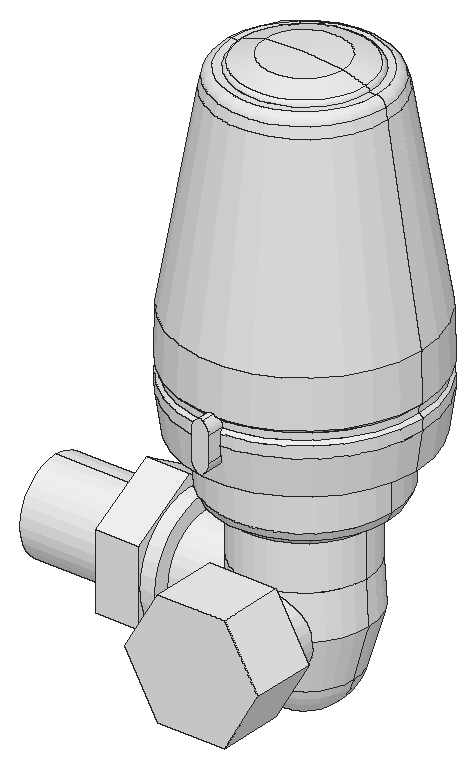
Revit family "RA-DV_Double Angle_Right_DN10-15_Regus_RFA_1", category Pipe Accessories, Revit 2019
Family settings
  Round Connector Dimension = Use Diameter
  Part Type = Valve - Breaks Into
  OmniClass Number = 23.65.55.14.17
  OmniClass Title = Adjusting/Controlling Valves for Liquid Services
  Work Plane-Based = No
  Always vertical = Yes
  Cut with Voids When Loaded = No
  Shared = No
Parameters (values of type "RA-DV_Double Angle_Right_DN15_013G7719")
  Ws1 = 27.5 mm  # constant formula
  Ws = 58 mm  # constant formula
  Weight = 0.33 kg
  W = LR1 + LR2 + Ws1  # 60.5 mm
  Valve Body Material = Danfoss Nickel Plated Brass
  URL = "https://store.danfoss.com/en/Climate-Solutions-for-heating/Radiator-Thermostats/Radiator-Valves/Build-on-valves/Dynamic-Valves/c/13865?q=%3Arelevance%3Adanfoss_producttypehierarchydesc%3ARA-DV%3Adanfoss_a223339155%3AA223_339155e8a4b9257411af40f22b1cba9d507f15"
  TH8 = 3.85 mm
  TH7 = 3.75 mm
  TH6 = 13.324 mm
  TH5 = 1.826 mm
  TH4 = 7.354 mm
  TH3 = 6.008 mm
  TH2 = 5 mm
  TH1 = 9.942 mm
  Setting Range = "1-7,N"  # constant formula
  Sensor Type = Regus Sensors_RA_RFA : Regus Sensors_RA_Built-in_8-28 °C
  SA2 = 33 mm
  SA1 = 36.7 mm
  RT5 = 14.5 mm
  RT1 = 15.024 mm
  RR5 = 8.25 mm
  RR4 = 11.425 mm
  RR1 = 10.3 mm
  RL4 = 10.5 mm
  RL2 = 14.8 mm
  RL1 = 11.3 mm
  RB2 = 12.006 mm
  RB1 = 11.5 mm
  Pressure Drop [instance] = 0.0 Pa
  Model Type = "RA-DV_Double Angle_Right_DN15"
  Model = "013G7719"
  Min Medium Temperature = "2 °C"  # constant formula
  Min Differential Pressure = "0.1 bar"  # constant formula
  Max Operating Pressure = "10 bar"  # constant formula
  Max Medium Temperature = "95 °C"  # constant formula
  Max Flow (Text) = "135 l/h"  # constant formula
  Max Differential Pressure = "0.6 bar"  # constant formula
  Manufacturer = "Danfoss"  # constant formula
  LR2 = 15 mm
  LR1 = 18 mm
  LOD 350 = not(LOD 200)  # yes
  LOD 200 = no
  LL4 = 21.2 mm
  LL3 = 10 mm
  LL2 = 3.7 mm
  LL1 = 23 mm
  L = LL1 + LL2 + LL3 + LL4 + Ws1  # 85.4 mm
  IfcExportType = "RA-DV"  # constant formula
  IfcExportAs = "IfcValveType"  # constant formula
  HexR2 = 15.4 mm
  HexR1 = 17.3 mm
  Hex2 = 26.7 mm
  Hex = 30 mm
  HT = TH1 + TH2 + TH3  # 20.95 mm
  H [instance] = 135.754 mm
  Flow [instance] = 0.0 L/s
  Description = "Thermostatic Radiator Valve"  # constant formula
  D = 15 mm
  BH2 = 8.731 mm
  BH1 = 12.273 mm
  Application = "2-Pipe System"  # constant formula
Types (3, lengths in mm): name | Weight | W | SA2 | SA1 | RL4 | RL2 | RL1 | Model Type | Model | LR2 | LR1 | LL4 | LL3 | LL2 | LL1 | L | HexR2 | HexR1 | Hex2 | Hex | D
  (no name) | 0.33 kg | 60.5 | 33 | 36.7 | 10.5 | 14.8 | 11.3 | "RA-DV_Double Angle_Right_DN15" | "013G7719" | 15 | 18 | 21.2 | 10 | 3.7 | 23 | 85.4 | 15.4 | 17.3 | 26.7 | 30 | 15
  RA-DV_Double Angle_Right_DN10_013G7717 | 0.28 kg | 54.5 | 27 | 33.3 | 8.3 | 13.2 | 9.75 | "RA-DV_Double Angle_Right_DN10" | "013G7717" | 11.033 | 15.967 | 18.8 | 8.5 | 3.6 | 21.2 | 79.6 | 12.6 | 15.6 | 21.7 | 27 | 10
  RA-DV_Double Angle_Right_DN15_013G7719 | 0.33 kg | 60.5 | 33 | 36.7 | 10.5 | 14.8 | 11.3 | "RA-DV_Double Angle_Right_DN15" | "013G7719" | 15 | 18 | 21.2 | 10 | 3.7 | 23 | 85.4 | 15.4 | 17.3 | 26.7 | 30 | 15
Reference planes
  plane 1 "Center (Front/Back)": y = 0
  plane 2: z = 0
  plane 3 "Center (Left/Right)": x = 0
  plane 4: x = -57.9
  plane 5: x = 9.194
  plane 6: y = 8.994
  plane 7: y = -33
  plane 8: z = 51.054
  plane 9: z = -21.004
  plane 10: x = -36.7
  plane 11 "left": x = -26.7
  plane 12: x = -23
  plane 13 "right": y = -18
  plane 14: z = 47.204
  plane 15: z = 43.454
  plane 16: z = 30.13
  plane 17: z = 28.304
  plane 18 "top": z = 20.95
  plane 19: z = 14.942
  plane 20: z = 9.942
  plane 21: z = -12.273
  plane 22: y = 17.3
  plane 23: x = 15.024
  plane 24: x = 27.5
  plane 25: y = -30.5
  plane 26: y = 27.5
  plane 27: y = 27.5
Forms (mm)
  Revolve 1, solid, material "Danfoss Nickel Plated Brass" <- "Valve Body Material", detail levels fine
    sketch origin (0, 0, 0) x (1, 0, 0) y (0, 0, 1)
      loop
        line (-57.9, 10.5) -> (-57.9, 0) -> (-26.7, 0) -> (-26.7, 10.5) -> (-57.9, 10.5)
      axis (-26.7, 0) -> (-57.9, 0)
    angle from 0 to 360
  Revolve 2, solid, material "Danfoss Nickel Plated Brass" <- "Valve Body Material", visible <- "LOD 350", detail levels fine
    sketch origin (0, 0, 0) x (1, 0, 0) y (0, 0, 1)
      loop
        line (-26.7, 14.8) -> (-26.7, 0) -> (-23, 0) -> (-23, 14.8) -> (-26.7, 14.8)
      axis (-23, 0) -> (-26.7, 0)
    angle from 0 to 360
  Revolve 3, solid, material "Danfoss Nickel Plated Brass" <- "Valve Body Material", visible <- "LOD 200", detail levels fine
    sketch origin (0, 0, 0) x (1, 0, 0) y (0, 0, 1)
      loop
        line (-36.7, 17.3) -> (-36.7, 0) -> (-26.7, 0) -> (-26.7, 17.3) -> (-36.7, 17.3)
      axis (-26.7, 0) -> (-36.7, 0)
    angle from 0 to 360
  Revolve 4, solid, material "Danfoss Nickel Plated Brass" <- "Valve Body Material", detail levels fine
    sketch origin (0, 0, 0) x (1, 0, 0) y (0, 0, 1)
      loop
        line (-26.7, 0) -> (0, 0) -> (0, 11.3) -> (-26.7, 11.3) -> (-26.7, 0)
      axis (0, 0) -> (-26.7, 0)
    angle from 0 to 360
  Revolve 5, solid, material "Danfoss Nickel Plated Brass" <- "Valve Body Material", visible <- "LOD 350", detail levels fine
    sketch origin (0, 0, 0) x (1, 0, 0) y (0, 0, 1)
      loop
        line (0, 20.95) -> (0, -21.004)
        arc (0, -21.004) -> (7.209, -18.561) -> (11.5, -12.273) r 12.006
        line (11.5, -12.273) -> (15.024, 0) -> (14.5, 10) -> (14.5, 20.95) -> (0, 20.95)
      axis (0, -21.004) -> (0, 20.95)
    angle from 0 to 360
  Revolve 6, solid, material "Danfoss Nickel Plated Brass" <- "Valve Body Material", detail levels fine
    sketch origin (0, 0, 0) x (0, 1, 0) y (0, 0, 1)
      loop
        line (0, 10.3) -> (-18, 10.3) -> (-18, 0) -> (0, 0) -> (0, 10.3)
      axis (0, 0) -> (-18, 0)
    angle from 0 to 360
  Revolve 7, solid, material "Danfoss Nickel Plated Brass" <- "Valve Body Material", visible <- "LOD 200", detail levels fine
    sketch origin (0, 0, 0) x (0, 1, 0) y (0, 0, 1)
      loop
        line (-18, 15.4) -> (-33, 15.4) -> (-33, 0) -> (-18, 0) -> (-18, 15.4)
      axis (-18, 0) -> (-33, 0)
    angle from 0 to 360
  Revolve 8, solid, material "Danfoss Brass", visible <- "LOD 350", detail levels fine
    sketch origin (0, 0, 0) x (1, 0, 0) y (0, 0, 1)
      loop
        line (0, 20.95) -> (11.425, 20.95) -> (11.425, 28.304) -> (8.25, 28.304) -> (8.25, 30.13) -> (0, 30.13) -> (0, 20.95)
      axis (0, 20.95) -> (0, 30.13)
    angle from 0 to 360
  Extrusion 9, solid, material "Danfoss Nickel Plated Brass" <- "Valve Body Material", visible <- "LOD 350", detail levels fine
    sketch origin (0, 0, 0) x (1, 0, 0) y (0, 0, 1)
      loop
        line (0, 0) -> (-26.7, 0) -> (-26.7, -0.957) -> (-10.199, -17.458)
        arc (-10.199, -17.458) -> (-6.04, -20.166) -> (-1.141, -20.959) r 12
        line (-1.141, -20.959) -> (0, -20.959) -> (0, 0)
    from -2 to 2
  Revolve 10, solid, material "Danfoss Nickel Plated Brass" <- "Valve Body Material", visible <- "LOD 200", detail levels fine
    sketch origin (0, 0, 0) x (1, 0, 0) y (0, 0, 1)
      loop
        line (0, 20.95) -> (0, -21.004)
        arc (0, -21.004) -> (10.624, -16.604) -> (15.024, -5.98) r 15.024
        line (15.024, -5.98) -> (15.024, 20.95) -> (0, 20.95)
      axis (0, 20.95) -> (0, -21.004)
    angle from 0 to 360
  Revolve 11, solid, material "Danfoss Nickel Plated Brass" <- "Valve Body Material", detail levels fine
    sketch origin (0, 0, 0) x (1, 0, 0) y (0, 0, 1)
      loop
        line (-1, 51.054) -> (-1, 47.204) -> (0, 47.204) -> (0, 51.054) -> (-1, 51.054)
      axis (0, 47.204) -> (0, 51.054)
    angle from 0 to 360
  Revolve 12, solid, material "Danfoss Brass", detail levels fine
    sketch origin (0, 0, 0) x (1, 0, 0) y (0, 0, 1)
      loop
        line (0, 47.204) -> (-5.8, 47.204) -> (-5.8, 43.454) -> (0, 43.454) -> (0, 47.204)
      axis (0, 43.454) -> (0, 47.204)
    angle from 0 to 360
  Revolve 13, solid, material "Danfoss Plastic Green", detail levels fine
    sketch origin (0, 0, 0) x (1, 0, 0) y (0, 0, 1)
      loop
        line (0, 43.454) -> (-9.9, 43.454) -> (-9.9, 30.13) -> (0, 30.13) -> (0, 43.454)
      axis (0, 30.13) -> (0, 43.454)
    angle from 0 to 360
  Revolve 14, solid, material "Danfoss Brass", visible <- "LOD 200", detail levels fine
    sketch origin (0, 0, 0) x (1, 0, 0) y (0, 0, 1)
      loop
        line (-11.4, 20.95) -> (0, 20.95) -> (0, 30.13) -> (-11.4, 30.13) -> (-11.4, 20.95)
      axis (0, 20.95) -> (0, 30.13)
    angle from 0 to 360
Dimensions and locks
  plane 8 to plane 9 = 72.058 mm
  "LR1": plane 1 "Center (Front/Back)" to plane 13 "right"
  "LR2": plane 13 "right" to plane 7
  "LL1": plane 3 "Center (Left/Right)" to plane 12
  "LL2": plane 12 to plane 11 "left"
  "LL3": plane 11 "left" to plane 10
  "LL4": plane 10 to plane 4
  "RL4": Revolve 1 sketch curve to level
  "RL2": Revolve 2 sketch curve to level
  "HexR1": Revolve 3 sketch curve to level
  "RL1": Revolve 4 sketch curve to level
  "TH1": plane 20 to level
  "TH2": plane 19 to plane 20
  "TH3": plane 18 "top" to plane 19
  "TH4": plane 17 to plane 18 "top"
  "TH5": plane 16 to plane 17
  "TH6": plane 15 to plane 16
  "TH7": plane 14 to plane 15
  "TH8": plane 8 to plane 14
  "BH1": level to plane 21
  "BH2": plane 21 to plane 9
  "RT5": Revolve 5 sketch curve to plane 3 "Center (Left/Right)"
  "RT1": Revolve 5 sketch curve to plane 3 "Center (Left/Right)"
  "RB1": Revolve 5 sketch curve to plane 3 "Center (Left/Right)"
  "RR1": Revolve 6 sketch curve to level
  "HexR2": Revolve 7 sketch curve to level
  "RR5": Revolve 8 sketch curve to plane 3 "Center (Left/Right)"
  "RR4": Revolve 8 sketch curve to plane 3 "Center (Left/Right)"
  "RT1": nested 2 to Revolve 10 sketch curve
  "RT1": Revolve 10 sketch curve to plane 9
  "H": nested 4 to plane 9
  "RT1": plane 23 to plane 3 "Center (Left/Right)"
  "L": plane 24 to plane 4
  plane 3 "Center (Left/Right)" to Revolve 11 sketch curve = 1 mm
  plane 3 "Center (Left/Right)" to Revolve 12 sketch curve = 5.8 mm
  plane 3 "Center (Left/Right)" to Revolve 13 sketch curve = 9.9 mm
  plane 3 "Center (Left/Right)" to Revolve 14 sketch curve = 11.4 mm
  "HexR1": plane 22 to plane 1 "Center (Front/Back)"
  plane 22 to plane 7 = 50.3 mm
  "Ws1": plane 1 "Center (Front/Back)" to plane 26
  "Ws": plane 25 to plane 26
  "W": plane 7 to plane 27
  "RB2": radius of Revolve 5 sketch curve
  "RT1": radius of Revolve 10 sketch curve
  aligned and locked: level to plane 2
  aligned and locked: plane 4 to Revolve 1 sketch curve
  aligned and locked: level to Revolve 1 sketch curve
  aligned and locked: plane 2 to Revolve 1 sketch curve
  aligned and locked: plane 11 "left" to Revolve 2 sketch curve
  aligned and locked: Revolve 2 sketch curve to plane 12
  aligned and locked: level to Revolve 2 sketch curve
  aligned and locked: plane 2 to Revolve 2 sketch curve
  aligned and locked: plane 10 to Revolve 3 sketch curve
  aligned and locked: Revolve 3 sketch curve to plane 11 "left"
  aligned and locked: level to Revolve 3 sketch curve
  aligned and locked: plane 2 to Revolve 3 sketch curve
  aligned and locked: plane 3 "Center (Left/Right)" to Revolve 4 sketch curve
  aligned and locked: Revolve 4 sketch curve to level
  aligned and locked: plane 2 to Revolve 4 sketch curve
  aligned and locked: Revolve 4 sketch curve to plane 11 "left"
  aligned and locked: Revolve 1 sketch curve to plane 11 "left"
  aligned and locked: plane 3 "Center (Left/Right)" to Revolve 5 sketch curve
  aligned and locked: Revolve 5 sketch curve to plane 3 "Center (Left/Right)"
  aligned and locked: plane 18 "top" to Revolve 5 sketch curve
  aligned and locked: plane 13 "right" to Revolve 6 sketch curve
  aligned and locked: plane 1 "Center (Front/Back)" to Revolve 6 sketch curve
  aligned and locked: level to Revolve 6 sketch curve  (x2)
  aligned and locked: plane 7 to Revolve 7 sketch curve
  aligned and locked: Revolve 7 sketch curve to plane 13 "right"
  aligned and locked: level to Revolve 7 sketch curve  (x2)
  aligned and locked: level to nested 1
  aligned and locked: level to nested 2
  aligned and locked: nested 2 to Revolve 4
  aligned and locked: plane 1 "Center (Front/Back)" to nested 1
  aligned and locked: plane 3 "Center (Left/Right)" to Revolve 8 sketch curve
  aligned and locked: Revolve 8 sketch curve to plane 17
  aligned and locked: Revolve 8 sketch curve to plane 18 "top"
  aligned and locked: Extrusion 9 sketch curve to plane 3 "Center (Left/Right)"
  aligned and locked: Extrusion 9 sketch curve to level
  aligned and locked: Extrusion 9 sketch curve to plane 11 "left"
  aligned and locked: plane 3 "Center (Left/Right)" to nested 3
  aligned and locked: plane 1 "Center (Front/Back)" to nested 3  (x2)
  aligned and locked: Revolve 10 sketch curve to plane 3 "Center (Left/Right)"
  aligned and locked: Revolve 10 sketch curve to plane 18 "top"
  aligned and locked: nested 2 to Revolve 10 sketch curve
  aligned and locked: Revolve 11 sketch curve to plane 8
  aligned and locked: Revolve 11 sketch curve to plane 14
  aligned and locked: Revolve 11 sketch curve to plane 3 "Center (Left/Right)"
  aligned and locked: plane 3 "Center (Left/Right)" to Revolve 11 sketch curve
  aligned and locked: Revolve 12 sketch curve to plane 3 "Center (Left/Right)"
  aligned and locked: Revolve 12 sketch curve to plane 14
  aligned and locked: Revolve 12 sketch curve to plane 15
  aligned and locked: plane 3 "Center (Left/Right)" to Revolve 12 sketch curve
  aligned and locked: Revolve 13 sketch curve to plane 3 "Center (Left/Right)"
  aligned and locked: Revolve 13 sketch curve to plane 16
  aligned and locked: Revolve 13 sketch curve to plane 15
  aligned and locked: Revolve 13 sketch curve to Revolve 5
  aligned and locked: Revolve 13 sketch curve to Revolve 12
  aligned and locked: plane 3 "Center (Left/Right)" to Revolve 13 sketch curve
  aligned and locked: Revolve 14 sketch curve to plane 18 "top"
  aligned and locked: Revolve 14 sketch curve to plane 16
  aligned and locked: Revolve 14 sketch curve to plane 3 "Center (Left/Right)"
  aligned and locked: Revolve 14 sketch curve to Extrusion 9
  aligned and locked: Revolve 14 sketch curve to Revolve 13
  aligned and locked: Extrusion 9 to Revolve 14 sketch curve
  aligned and locked: Revolve 8 sketch curve to plane 16
  aligned and locked: nested 4 to plane 18 "top"
  aligned and locked: plane 3 "Center (Left/Right)" to nested 4
  aligned and locked: plane 1 "Center (Front/Back)" to nested 4
  aligned and locked: plane 2 to nested 3
Automatic sketch dimensions
  plane 9 to Extrusion 9 sketch curve = 3.546 mm
  Extrusion 9 sketch curve to plane 3 "Center (Left/Right)" = 1.713 mm
  plane 21 to Extrusion 9 sketch curve = 3.3 mm
  Extrusion 9 sketch curve to level = 0.957 mm
  plane 9 to Extrusion 9 sketch curve = 0.045 mm
  Extrusion 9 sketch curve to plane 3 "Center (Left/Right)" = 1.141 mm
  plane 8 to Revolve 11 sketch curve = 2.4 mm
  Revolve 12 sketch curve to plane 8 = 0 mm
  Revolve 11 sketch curve to plane 15 = 0 mm
  Revolve 12 sketch curve to plane 16 = 0 mm
  Revolve 1 sketch curve to plane 4 = 35 mm
  Revolve 1 sketch curve to Revolve 1 sketch curve = 5 mm
  Revolve 2 sketch curve to plane 4 = 9.577 mm
  Revolve 2 sketch curve to Revolve 2 sketch curve = 5 mm
  Revolve 3 sketch curve to plane 4 = 12.192 mm
  Revolve 3 sketch curve to Revolve 3 sketch curve = 3.606 mm
  Revolve 4 sketch curve to plane 4 = 54.1 mm
  Revolve 4 sketch curve to Revolve 4 sketch curve = 6.623 mm
  Revolve 5 sketch curve to plane 9 = 0 mm
  Revolve 5 sketch curve to plane 21 = 0 mm
  level to Revolve 5 sketch curve = 0 mm
  plane 20 to Revolve 5 sketch curve = 0.058 mm
  plane 8 to Revolve 5 sketch curve = 25 mm
  Revolve 5 sketch curve to Revolve 5 sketch curve = 10 mm
  plane 22 to Revolve 6 sketch curve = 1.751 mm
  plane 26 to Revolve 6 sketch curve = 3.449 mm
  Revolve 7 sketch curve to plane 7 = 4.805 mm
  Revolve 7 sketch curve to Revolve 7 sketch curve = 0.195 mm
  Revolve 8 sketch curve to plane 3 "Center (Left/Right)" = 0 mm
  plane 8 to Revolve 8 sketch curve = 5 mm
  Revolve 8 sketch curve to Revolve 8 sketch curve = 3.788 mm
  Revolve 10 sketch curve to plane 9 = 7.748 mm
  Revolve 10 sketch curve to Revolve 10 sketch curve = 3.304 mm
Nested families
  nested 1: "Hexagon" at (-26.7, 0, 0) x (0, 0, 1) z (-1, 0, 0), h <- "LL3", a <- "Hex", visible <- "LOD 350", Body Material <- "Valve Body Material", type "Hexagon"
    with h 10 mm, b 15 mm, a 30 mm, Body Material Danfoss Nickel Plated Brass
  nested 2: "Hexagon" at (0, -18, 0) x (-1, 0, 0) z (0, -1, 0), h <- "LR2", a <- "Hex2", visible <- "LOD 350", Body Material <- "Valve Body Material", type "Hexagon"
    with h 15 mm, b 13.35 mm, a 26.7 mm, Body Material Danfoss Nickel Plated Brass
  nested 3: "Schematic_Pressure Independent TRV_Sensor_Angle Right" at (0, 0, 0), type "Schematic_Pressure Independent TRV_Sensor_Angle Right", detail levels coarse+medium
    with L2 33 mm, L 36.7 mm, LA_1 2.472 mm, L1/3 24.467 mm, HT 20.95 mm, HA_2 17.8 mm, HA_1 4.45 mm, HA 22.25 mm, LA 13.35 mm, L1/9 8.156 mm, L1 73.4 mm, D 26.7 mm
  nested 4: "Regus Sensors_RA_RFA" at (0, 0, 20.95), LOD 200 <- "LOD 200", type <- "Sensor Type", type "Regus Sensors_RA_Built-in_8-28 °C", detail levels fine
    with LOD 350 yes, LOD 200 no
Connectors
  piping at (-36.7, 0, 0), diameter 15, driven by "D", driven by "Flow"
    settings: on nested 1, index 1, connector inside diameter 609.6 mm, connector length 0 mm, flow factor 0, pipe flow 0.0 L/s, pressure drop 0.0 Pa, fitting loss kfactor 0, connector angle 0.00°, fixture units 0, engagement length 0 mm, angle of deflection 0.00°, flow configuration 0, flow direction 2, fitting loss method 0, system type 29, joint type 0, gender type 0, connector reference index 2, connector utility 0, adjustable connector no, is connector primary no, connector description ""
  piping at (0, -33, 0), diameter 15, driven by "D", driven by "Flow"
    settings: on nested 2, index 2, connector inside diameter 609.6 mm, connector length 0 mm, flow factor 0, pipe flow 0.0 L/s, pressure drop 0.0 Pa, fitting loss kfactor 0, connector angle 0.00°, fixture units 0, engagement length 0 mm, angle of deflection 0.00°, flow configuration 0, flow direction 1, fitting loss method 0, system type 29, joint type 0, gender type 0, connector reference index 1, connector utility 0, adjustable connector no, is connector primary yes, connector description ""
Definition of nested family "Hexagon"
  Parameters (values of type "Hexagon")
    h [instance] = 4 mm
    b [instance] = a / 2  # 10 mm
    a [instance] = 20 mm
    Default Elevation = 1219.2 mm
    Body Material [instance] = none
  Reference planes
    plane 1 "Center (Front/Back)": y = 0
    plane 2: z = 0
    plane 3 "Center (Left/Right)": x = 0
    plane 4: z = 4
  Forms (mm)
    Extrusion 1, solid
      sketch origin (0, 0, 0) x (1, 0, 0) y (0, 1, 0)
        loop
          line (-1219.2, 1219.2) -> (-1219.2, -1219.2) -> (1219.2, -1219.2) -> (1219.2, 1219.2) -> (-1219.2, 1219.2)
      from 0 to -304.8
    Extrusion 2, solid, material <- "Body Material", detail levels fine
      sketch origin (0, 0, 0) x (1, 0, 0) y (0, 1, 0)
        loop
          line (5.774, 10) -> (-5.774, 10) -> (-11.547, 0) -> (-5.774, -10) -> (5.774, -10) -> (11.547, 0) -> (5.774, 10)
      from 0 to 4
  Lines and regions (mm)
    reference lines
      curve 1: line (125, -216.506, 0) -> (-125, 216.506, 0)
      curve 2: line (-125, -216.506, 0) -> (125, 216.506, 0)
  Dimensions and locks
    "h": plane 4 to level
    "b": curve 1 to Extrusion 2 sketch curve
    "b": Extrusion 2 sketch curve to curve 1
    "b": Extrusion 2 sketch curve to curve 2  (x2)
    "b": plane 1 "Center (Front/Back)" to Extrusion 2 sketch curve
    "b": Extrusion 2 sketch curve to plane 1 "Center (Front/Back)"
    aligned and locked: plane 2 to Extrusion 1
    aligned and locked: level to Extrusion 1
    aligned and locked: plane 4 to Extrusion 2
  Automatic sketch dimensions
    Extrusion 1 sketch curve to Extrusion 1 sketch curve = 2438.4 mm  (x2)
    curve 1 to plane 3 "Center (Left/Right)" = 125 mm
    plane 1 "Center (Front/Back)" to curve 2 = 216.506 mm
    curve 2 to plane 3 "Center (Left/Right)" = 125 mm
    plane 3 "Center (Left/Right)" to curve 2 = 125 mm
    plane 3 "Center (Left/Right)" to curve 1 = 125 mm
    plane 1 "Center (Front/Back)" to curve 1 = 216.506 mm
    curve 2 to plane 1 "Center (Front/Back)" = 216.506 mm
    curve 1 to plane 1 "Center (Front/Back)" = 216.506 mm
Definition of nested family "Regus Sensors_RA_RFA"
  Parameters (values of type "Regus Sensors_RA_Built-in_8-28 °C")
    W [instance] = 57.89 mm
    URL = "https://store.danfoss.com/en/Climate-Solutions-for-heating/Radiator-Thermostats/Radiator-sensors/Room-sensor-mTRV/Sensors-for-Danfoss-RA-valves/c/13884?q=%3Arelevance%3Adanfoss_producttypehierarchydesc%3ADanfoss+Regus%C2%AE+Sensors%3Adanfoss_a1184338573%3AA1184_3385735918e24870f0ea98b9978dae8a69c533%3Adanfoss_a1186338575%3AA1186_3385757565fa0f3e171a343b2fd2a01064cb82&text="
    Sensor Media = "Liquid"  # constant formula
    Model Type = "Regus Sensors_RA_Built-in_8-28 °C"
    Model = "015G3690,015G3698,015G3818"
    Min Temperature Setting = "8 °C"
    Max Temperature Setting = "28 °C"  # constant formula
    Manufacturer = "Danfoss"  # constant formula
    LOD 350 [instance] = not(LOD 200)  # yes
    LOD 200 [instance] = no
    L [instance] = 55 mm
    IfcExportType = "Regus Sensors"  # constant formula
    IfcExportAs = "IfcActuatorType"  # constant formula
    H [instance] = 93.8 mm
    Description = "Radiator Sensor"  # constant formula
    Connection = "RA"  # constant formula
    Body Material = none
  Types (3, lengths in mm): name | W | Model Type | Model | Min Temperature Setting
    Regus Sensors_RA_Built-in_8-28 °C | 57.89 | "Regus Sensors_RA_Built-in_8-28 °C" | "015G3690,015G3698,015G3818" | "8 °C"
    Regus Sensors_RA_Built-in_16-28 °C_015G3696 | 58.085 | "Regus Sensors_RA_Built-in_16-28 °C" | "015G3696" | "16 °C"
    Regus Sensors_RA_Built-in_15-28 °C_015G3695 | 57.89 | "Regus Sensors_RA_Built-in_15-28 °C" | "015G3695" | "15 °C"
  Reference planes
    plane 1 "Center (Front/Back)": y = 0
    plane 2: z = 0
    plane 3 "Center (Left/Right)": x = 0
    plane 4: y = 27.5
    plane 5: z = 93.8
    plane 6 "TP": z = 56
    plane 7 "BT": z = 17.2
    plane 8: x = -27.5
    plane 9: y = -27.5
    plane 10: x = 27.5
  Forms (mm)
    Revolve 1, solid, material <- "Body Material", visible <- "LOD 350", detail levels fine
      sketch origin (0, 0, 0) x (1, 0, 0) y (0, 0, 1)
        loop
          line (-15.605, 0) -> (0, 0) -> (0, 93.862)
          arc (0, 93.862) -> (-4.572, 93.778) -> (-9.125, 93.351) r 61.086
          arc (-9.125, 93.351) -> (-11.749, 92.659) -> (-14.298, 91.729) r 29.461
          arc (-14.298, 91.729) -> (-14.798, 91.355) -> (-15.061, 90.788) r 1.279
          line (-15.061, 90.788) -> (-16.86, 90.788)
          arc (-16.86, 90.788) -> (-18.161, 90.099) -> (-18.896, 88.823) r 2.657
          line (-18.896, 88.823) -> (-19.478, 86.463) -> (-27.325, 41.083) -> (-27.5, 30.132) -> (-26.69, 29.322) -> (-26.69, 27.783) -> (-27.5, 26.973) -> (-27.5, 24.341) -> (-26.21, 15.683) -> (-19.151, 15.683) -> (-20.356, 13.596) -> (-20.356, 4.723) -> (-19.293, 2.723) -> (-17.405, 2.723) -> (-17.405, 1.8) -> (-15.605, 0)
        axis (0, 93.862) -> (0, 0)
      angle from 0 to 360
    Revolve 2, solid, material <- "Body Material", visible <- "LOD 200", detail levels fine
      sketch origin (0, 0, 0) x (1, 0, 0) y (0, 0, 1)
        loop
          line (-20.702, 0) -> (0, 0) -> (0, 93.763) -> (-8.613, 93.313)
          arc (-8.613, 93.313) -> (-14.163, 92.002) -> (-18.896, 88.823) r 15.949
          line (-18.896, 88.823) -> (-27.397, 40.667) -> (-27.397, 23.819) -> (-26.254, 15.683) -> (-20.702, 15.683) -> (-20.702, 0)
        axis (0, 93.763) -> (0, 0)
      angle from 0 to 360
    Extrusion 3, solid, material <- "Body Material", visible <- "LOD 350", detail levels fine
      sketch origin (0, 0, 0) x (1, 0, 0) y (0, 0, 1)
        loop
          line (-2.009, 27.783) -> (-2.009, 21.856)
          arc (-2.009, 21.856) -> (-1.593, 20.295) -> (-0.456, 19.148) r 3.138
          arc (-0.456, 19.148) -> (0.144, 19.027) -> (0.691, 19.3) r 0.942
          arc (0.691, 19.3) -> (1.66, 20.418) -> (2.009, 21.856) r 3.138
          line (2.009, 21.856) -> (2.009, 27.783)
          arc (2.009, 27.783) -> (1.66, 29.221) -> (0.691, 30.339) r 3.138
          arc (0.691, 30.339) -> (0.144, 30.612) -> (-0.456, 30.491) r 0.942
          arc (-0.456, 30.491) -> (-1.593, 29.344) -> (-2.009, 27.783) r 3.138
      from 0 to 30.39
  Lines and regions (mm)
    symbolic lines
      curve 1: line (25.439, -10.66, 0) -> (26.655, -6.916, 0)
  Dimensions and locks
    "H": plane 5 to level
    "W": plane 4 to Extrusion 3
    equal spacing: plane 9, plane 1 "Center (Front/Back)", plane 4
    equal spacing: plane 10, plane 3 "Center (Left/Right)", plane 8
    "L": plane 10 to plane 8
    equal spacing: plane 8, plane 3 "Center (Left/Right)", plane 10
    aligned and locked: level to plane 2
  Automatic sketch dimensions
    plane 1 "Center (Front/Back)" to curve 1 = 6.916 mm
    curve 1 to curve 1 = 1.216 mm
    curve 1 to curve 1 = 3.744 mm
    plane 3 "Center (Left/Right)" to curve 1 = 25.439 mm
    Revolve 1 sketch curve to plane 8 = 0 mm  (x2)
    Revolve 1 sketch curve to plane 3 "Center (Left/Right)" = 0 mm  (x2)
    plane 8 to Revolve 1 sketch curve = 0.175 mm
    plane 8 to Revolve 1 sketch curve = 0.81 mm
    plane 8 to Revolve 1 sketch curve = 1.29 mm
    Revolve 1 sketch curve to Revolve 1 sketch curve = 5.853 mm
    plane 8 to Revolve 1 sketch curve = 8.022 mm
    level to Revolve 1 sketch curve = 2.723 mm
    Revolve 1 sketch curve to Revolve 1 sketch curve = 1.063 mm
    Revolve 1 sketch curve to plane 5 = 4.977 mm
    Revolve 1 sketch curve to Revolve 1 sketch curve = 0.581 mm
    Revolve 1 sketch curve to Revolve 1 sketch curve = 1.888 mm
    Revolve 1 sketch curve to Revolve 1 sketch curve = 2.037 mm
    Revolve 1 sketch curve to Revolve 1 sketch curve = 0.543 mm
    Revolve 1 sketch curve to Revolve 1 sketch curve = 1.798 mm
    Revolve 1 sketch curve to Revolve 1 sketch curve = 1.256 mm
    Revolve 1 sketch curve to plane 3 "Center (Left/Right)" = 2.936 mm
    Revolve 1 sketch curve to plane 3 "Center (Left/Right)" = 1.157 mm
    Revolve 1 sketch curve to Revolve 1 sketch curve = 2 mm
    plane 7 "BT" to Revolve 1 sketch curve = 3.604 mm
    Revolve 1 sketch curve to plane 7 "BT" = 7.141 mm
    Revolve 1 sketch curve to Revolve 1 sketch curve = 2.632 mm
    Revolve 1 sketch curve to Revolve 1 sketch curve = 0.81 mm  (x2)
    Revolve 1 sketch curve to Revolve 1 sketch curve = 1.539 mm
    Revolve 1 sketch curve to plane 7 "BT" = 15.587 mm
    Revolve 1 sketch curve to Revolve 1 sketch curve = 10.951 mm
    Revolve 1 sketch curve to plane 6 "TP" = 8.548 mm
    Revolve 1 sketch curve to Revolve 1 sketch curve = 2.36 mm
    Revolve 1 sketch curve to Revolve 1 sketch curve = 0.636 mm
    Revolve 1 sketch curve to Revolve 1 sketch curve = 0.239 mm
    plane 5 to Revolve 1 sketch curve = 0.062 mm
    plane 7 "BT" to Revolve 1 sketch curve = 1.517 mm
    Revolve 1 sketch curve to Revolve 1 sketch curve = 1.205 mm
    level to Revolve 1 sketch curve = 1.8 mm
    Revolve 1 sketch curve to Revolve 1 sketch curve = 0 mm
    Revolve 1 sketch curve to level = 366.045 mm
    Revolve 1 sketch curve to Revolve 1 sketch curve = 2130.253 mm
    Revolve 1 sketch curve to level = 0 mm
    Revolve 1 sketch curve to Revolve 1 sketch curve = 1.8 mm
    Extrusion 3 sketch curve to plane 3 "Center (Left/Right)" = 2.009 mm
    Extrusion 3 sketch curve to Extrusion 3 sketch curve = 0.88 mm  (x3)
    plane 3 "Center (Left/Right)" to Extrusion 3 sketch curve = 0.02 mm  (x2)
    plane 3 "Center (Left/Right)" to Extrusion 3 sketch curve = 1.129 mm  (x2)
    Extrusion 3 sketch curve to plane 7 "BT" = 2.761 mm
    Extrusion 3 sketch curve to Extrusion 3 sketch curve = 1.895 mm  (x2)
    Extrusion 3 sketch curve to Extrusion 3 sketch curve = 0 mm  (x4)
    Extrusion 3 sketch curve to Extrusion 3 sketch curve = 5.927 mm
    Revolve 2 sketch curve to level = 0 mm
    Revolve 2 sketch curve to plane 3 "Center (Left/Right)" = 0 mm  (x2)
    Revolve 2 sketch curve to plane 3 "Center (Left/Right)" = 7.781 mm
    plane 7 "BT" to Revolve 2 sketch curve = 1.517 mm
    plane 8 to Revolve 2 sketch curve = 6.798 mm
    plane 8 to Revolve 2 sketch curve = 1.246 mm
    plane 8 to Revolve 2 sketch curve = 0.103 mm
    Revolve 2 sketch curve to plane 7 "BT" = 6.619 mm
    plane 6 "TP" to Revolve 2 sketch curve = 15.333 mm
    Revolve 2 sketch curve to plane 5 = 0.037 mm
    Revolve 2 sketch curve to plane 5 = 0.487 mm
    Revolve 2 sketch curve to plane 3 "Center (Left/Right)" = 8.613 mm
    plane 8 to Revolve 2 sketch curve = 8.604 mm
    Revolve 2 sketch curve to level = 366.045 mm
    Revolve 2 sketch curve to plane 5 = 4.977 mm
    plane 5 to Revolve 2 sketch curve = 2120.515 mm
Definition of nested family "Schematic_Pressure Independent TRV_Sensor_Angle Right"
  Parameters (values of type "Schematic_Pressure Independent TRV_Sensor_Angle Right")
    L2 = 40 mm
    L = 40 mm
    LA_1 = 1 / 9 * HA  # 2.778 mm
    L1/3 = 1 / 3 * L1  # 26.667 mm
    HT = 35 mm
    HA_2 = 4 / 5 * HA  # 20 mm
    HA_1 = 1 / 5 * HA  # 5 mm
    HA = 5 / 6 * D  # 25 mm
    LA = 3 / 5 * HA  # 15 mm
    L1/9 = 1 / 9 * L1  # 8.889 mm
    L1 = L * 2  # 80 mm
    D = 30 mm
  Reference planes
    plane 1 "Center (Front/Back)": y = 0
    plane 2: z = 0
    plane 3 "Center (Left/Right)": x = 0
    plane 4: z = 15
    plane 5: z = -15
    plane 6: z = 35
    plane 7: x = -40
    plane 8: y = 15
    plane 9: y = -15
    plane 10: x = -7.5
    plane 11: x = 7.5
    plane 12: z = 55
    plane 13: x = -4.722
    plane 14: x = 4.722
    plane 15: z = 40
    plane 16 "centerline": z = 0
    plane 17: z = -7.5
    plane 18: z = 13.333
    plane 19: z = -13.333
    plane 20: x = 40
    plane 21: z = 60
    plane 22: y = 13.333
    plane 23: y = -13.333
    plane 24: x = -30
    plane 25: x = 31.111
    plane 26: x = 22.222
    plane 27: y = -30
    plane 28: z = 15
    plane 29: z = -15
    plane 30: y = -40
    plane 31: y = -23.71
    plane 32: x = -15
    plane 33: x = 15
    plane 34: y = 35
    plane 35: y = 60
    plane 36: y = 55
    plane 37: y = 40
  Lines and regions (mm)
    model lines
      curve 1: line (0, 0, 35) -> (0, 0, 0)
      curve 2: line (-7.5, 0, 35) -> (7.5, 0, 35)
      curve 3: line (-7.5, 0, 60) -> (-7.5, 0, 35)
      curve 4: line (7.5, 0, 60) -> (-7.5, 0, 60)
      curve 5: line (7.5, 0, 35) -> (7.5, 0, 60)
      curve 6: line (-30, 0, 0) -> (-40, 0, 0)
      curve 7: line (-4.722, 0, 55) -> (4.722, 0, 55)
      curve 8: line (0, 0, 40) -> (0, 0, 55)
      curve 9: line (0, 0, 0) -> (-30, 0, 15)
      curve 10: line (-30, 0, 15) -> (-30, 0, -15)
      curve 11: line (-30, 0, -15) -> (0, 0, 0)
      curve 12: line (0, 0, 0) -> (22.222, 0, 0)
      curve 13: line (31.111, 0, -13.333) -> (31.111, 0, 13.333)
      curve 14: spline (31.111, 0, -13.333) -> (33.412, 0, -12.879) -> (35.556, 0, -11.547) -> (37.397, 0, -9.428) -> (38.809, 0, -6.667) -> (39.697, 0, -3.451) -> (40, 0, 0) -> (39.697, 0, 3.451) -> (38.809, 0, 6.667) -> (37.397, 0, 9.428) -> (35.556, 0, 11.547) -> (33.412, 0, 12.879) -> (31.111, 0, 13.333) -> (28.81, 0, 12.879) -> (26.667, 0, 11.547) -> (24.826, 0, 9.428) -> (23.413, 0, 6.667) -> (22.525, 0, 3.451) -> (22.222, 0, 0) -> (22.525, 0, -3.451) -> (23.413, 0, -6.667) -> (24.826, 0, -9.428) -> (26.667, 0, -11.547) -> (28.81, 0, -12.879) -> (31.111, 0, -13.333)
      curve 15: line (0, -30, 15) -> (0, -30, -15)
      curve 16: line (0, -30, 15) -> (0, 0, 0)
      curve 17: line (0, -30, -15) -> (0, 0, 0)
      curve 18: line (0, -40, 0) -> (0, -30, 0)
    symbolic lines
      curve 19: line (0, 0, 0) -> (-30, 15, 0)
      curve 20: line (-30, 15, 0) -> (-30, -15, 0)
      curve 21: line (-30, -15, 0) -> (0, 0, 0)
      curve 22: line (-30, 0, 0) -> (-40, 0, 0)
      curve 23: spline (31.111, -13.333, 0) -> (33.412, -12.879, 0) -> (35.556, -11.547, 0) -> (37.397, -9.428, 0) -> (38.809, -6.667, 0) -> (39.697, -3.451, 0) -> (40, 0, 0) -> (39.697, 3.451, 0) -> (38.809, 6.667, 0) -> (37.397, 9.428, 0) -> (35.556, 11.547, 0) -> (33.412, 12.879, 0) -> (31.111, 13.333, 0) -> (28.81, 12.879, 0) -> (26.667, 11.547, 0) -> (24.826, 9.428, 0) -> (23.413, 6.667, 0) -> (22.525, 3.451, 0) -> (22.222, 0, 0) -> (22.525, -3.451, 0) -> (23.413, -6.667, 0) -> (24.826, -9.428, 0) -> (26.667, -11.547, 0) -> (28.81, -12.879, 0) -> (31.111, -13.333, 0)
      curve 24: line (0, 0, 0) -> (22.222, 0, 0)
      curve 25: line (31.111, -13.333, 0) -> (31.111, 13.333, 0)
      curve 26: line (-15, -30, 0) -> (0, 0, 0)
      curve 27: line (0, 0, 0) -> (15, -30, 0)
      curve 28: line (15, -30, 0) -> (-15, -30, 0)
      curve 29: line (0, -40, 0) -> (0, -30, 0)
      curve 30: line (-7.5, 60, 0) -> (7.5, 60, 0)
      curve 31: line (-7.5, 35, 0) -> (-7.5, 60, 0)
      curve 32: line (7.5, 35, 0) -> (-7.5, 35, 0)
      curve 33: line (7.5, 60, 0) -> (7.5, 35, 0)
      curve 34: line (-4.722, 55, 0) -> (4.722, 55, 0)
      curve 35: line (0, 55, 0) -> (0, 40, 0)
      curve 36: line (0, 0, 0) -> (0, 35, 0)
  Dimensions and locks
    "D": plane 4 to plane 5
    equal spacing: plane 4, level, plane 5
    "D": plane 9 to plane 8
    equal spacing: plane 9, plane 1 "Center (Front/Back)", plane 8
    "LA": plane 11 to plane 10
    equal spacing: plane 11, plane 3 "Center (Left/Right)", plane 10
    "LA_1": plane 13 to plane 10
    "LA_1": plane 11 to plane 14
    "L1/3": plane 18 to plane 19
    equal spacing: plane 18, level, plane 19
    "L": plane 20 to plane 3 "Center (Left/Right)"
    "L": plane 3 "Center (Left/Right)" to plane 7
    "HT": plane 6 to level
    "HA": plane 21 to plane 6
    "HA_1": plane 21 to plane 12
    "HA_2": plane 21 to plane 15
    "L1/3": plane 22 to plane 23
    equal spacing: plane 22, plane 1 "Center (Front/Back)", plane 23
    "D": plane 3 "Center (Left/Right)" to plane 24
    equal spacing: plane 20, plane 25, plane 26
    "L1/9": plane 20 to plane 25
    "D": plane 27 to plane 1 "Center (Front/Back)"
    equal spacing: plane 28, level, plane 29
    "D": plane 28 to plane 29
    "L2": plane 30 to plane 1 "Center (Front/Back)"
    "D": plane 32 to plane 33
    equal spacing: plane 32, plane 3 "Center (Left/Right)", plane 33
    "HT": plane 1 "Center (Front/Back)" to plane 34
    "HA": plane 35 to plane 34
    "HA_1": plane 35 to plane 36
    "HA_2": plane 35 to plane 37
    plane 10 to plane 11 = 15 mm
    plane 10 to plane 13 = 2.778 mm
    plane 14 to plane 11 = 2.778 mm
    aligned and locked: level to plane 2
    aligned and locked: curve 2 to plane 6
    aligned and locked: plane 10 to curve 3
    aligned and locked: curve 5 to plane 11
    aligned and locked: curve 6 to level
    aligned and locked: plane 21 to curve 4
    aligned and locked: curve 1 to plane 3 "Center (Left/Right)"
    aligned and locked: plane 6 to curve 1
    aligned and locked: curve 7 to plane 12
    aligned and locked: plane 13 to curve 7
    aligned and locked: plane 14 to curve 7
    aligned and locked: plane 3 "Center (Left/Right)" to curve 8
    aligned and locked: plane 15 to curve 8
    aligned and locked: plane 12 to curve 8
    aligned and locked: plane 24 to curve 10
    aligned and locked: plane 5 to curve 11
    aligned and locked: plane 4 to curve 9
    aligned and locked: plane 7 to curve 6
    aligned and locked: plane 24 to curve 6
    aligned and locked: curve 12 to level
    aligned and locked: plane 3 "Center (Left/Right)" to curve 12
    aligned and locked: plane 26 to curve 12
    aligned and locked: plane 25 to curve 13
    aligned and locked: plane 19 to curve 13
    aligned and locked: plane 18 to curve 13
    aligned and locked: plane 27 to curve 15
    aligned and locked: plane 29 to curve 15
    aligned and locked: plane 28 to curve 15
    aligned and locked: curve 18 to level
    aligned and locked: plane 30 to curve 18
    aligned and locked: plane 27 to curve 18
    aligned and locked: plane 7 to curve 22
    aligned and locked: plane 24 to curve 22
    aligned and locked: plane 24 to curve 20
    aligned and locked: plane 8 to curve 20
    aligned and locked: plane 9 to curve 20
    aligned and locked: plane 3 "Center (Left/Right)" to curve 24
    aligned and locked: plane 26 to curve 24
    aligned and locked: plane 25 to curve 25
    aligned and locked: plane 23 to curve 25
    aligned and locked: plane 22 to curve 25
    aligned and locked: plane 30 to curve 29
    aligned and locked: plane 27 to curve 29
  Automatic sketch dimensions
    curve 14 to plane 25 = 0 mm
    curve 17 to level = 0 mm
    curve 17 to plane 1 "Center (Front/Back)" = 0 mm
    curve 28 to plane 32 = 0 mm
    curve 29 to plane 3 "Center (Left/Right)" = 0 mm
    curve 27 to plane 33 = 0 mm
    curve 23 to plane 25 = 0 mm
    plane 1 "Center (Front/Back)" to curve 22 = 0 mm
    curve 34 to plane 13 = 0 mm
    curve 34 to plane 14 = 0 mm
    curve 34 to plane 36 = 0 mm
    curve 35 to plane 3 "Center (Left/Right)" = 0 mm
    curve 35 to plane 37 = 0 mm
    curve 31 to plane 10 = 0 mm
    curve 32 to plane 11 = 0 mm
    plane 1 "Center (Front/Back)" to curve 24 = 0 mm
    curve 33 to plane 34 = 0 mm
    curve 36 to plane 34 = 0 mm
    curve 35 to plane 36 = 0 mm
    curve 30 to plane 35 = 0 mm
